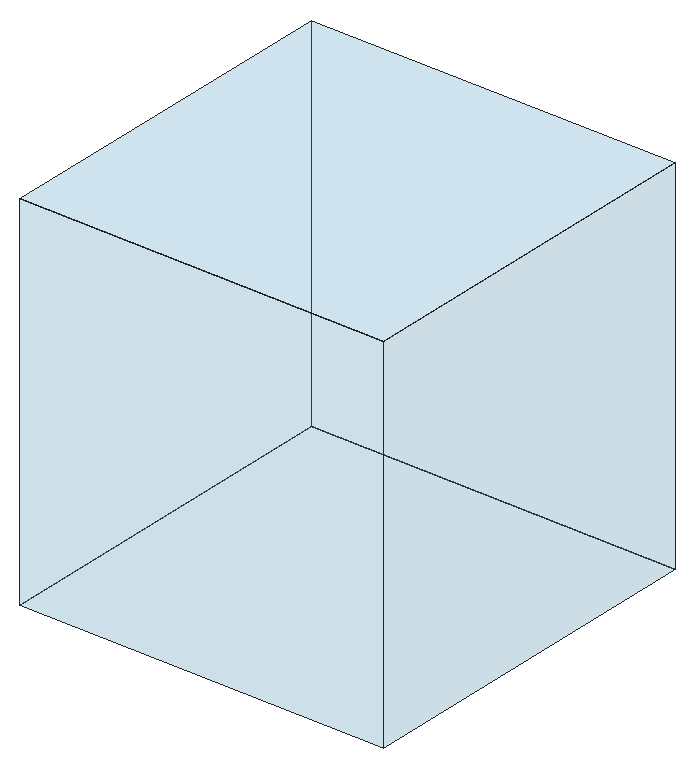
Revit family "Section Box Family", category Generic Models, Revit 2017
Family settings
  Can host rebar = No
  Round Connector Dimension = Use Diameter
  Part Type = Normal
  Work Plane-Based = No
  Always vertical = Yes
  Cut with Voids When Loaded = No
  Shared = No
  Room Calculation Point = No
Parameters
  Box Width [instance] = 2' - 0"
  Box Length [instance] = 2' - 0"
  Box Height [instance] = 2' - 0"
Reference planes (in)
  plane 1 "Center (Front/Back)": y = 0
  plane 2: z = 0
  plane 3 "Center (Left/Right)": x = 0
  plane 4: x = -12
  plane 5: x = 12
  plane 6: y = 12
  plane 7: y = -12
  plane 8: z = 24
Forms (in)
  Extrusion 1, solid, material "Glass"
    sketch origin (0, 0, 0) x (1, 0, 0) y (0, 1, 0)
      loop
        line (-12, 12) -> (-12, -12) -> (12, -12) -> (12, 12) -> (-12, 12)
    from 0 to 24
Dimensions and locks (in)
  equal spacing: plane 7, plane 1 "Center (Front/Back)", plane 6
  equal spacing: plane 4, plane 3 "Center (Left/Right)", plane 5
  "Box Length": plane 4 to plane 5
  "Box Width": plane 7 to plane 6
  "Box Height": plane 8 to level
  aligned and locked: plane 2 to level
  aligned and locked: plane 6 to Extrusion 1 sketch curve
  aligned and locked: plane 4 to Extrusion 1 sketch curve
  aligned and locked: Extrusion 1 sketch curve to plane 7
  aligned and locked: Extrusion 1 sketch curve to plane 5
  aligned and locked: Extrusion 1 to level
  aligned and locked: plane 8 to Extrusion 1
